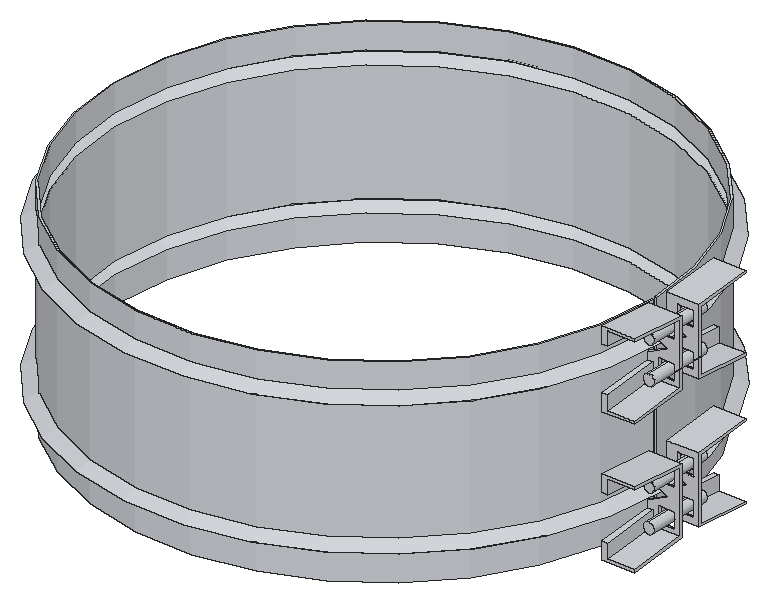
Revit family
Parameters (values of type "DW08DWCLASY-2")
  WALLTHICK = 9/256"  # constant formula
  OD = 12 1/2"
  Model = "DW08DWCLASY-2"
  Manufacturer = "CaptiveAire"
  HALF_ANGLE = 61.813° / 2  # 30.9065°
  Description = "8\" Duct Double Double V Band Horizontal"
  DUCTRAD = DUCTINSIDERAD + 5/16"  # 6 135/256"
  DUCTINSIDERAD = (OD / 2) - 9" / 256  # 6 55/256"
  61.813 = 61.813°  # constant formula
  HEIGHT = 4 139/256"  # constant formula
  0 = 0"  # constant formula
  .75 = 3/4"  # constant formula
  .3 = 77/256"  # constant formula
Types (14): name | OD | Model | Description | DUCTRAD | DUCTINSIDERAD
  (no name) | 12 1/2" | "DW08DWCLASY-2" | "8\" Duct Double Double V Band Horizontal" | 6 135/256" | 6 55/256"
  DW08DWCLASY-2 | 12 1/2" | "DW08DWCLASY-2" | "8\" Duct Double Double V Band Horizontal" | 6 135/256" | 6 55/256"
  DW10DWCLASY-2 | 14 1/2" | "DW10DWCLASY-2" | "10\" Duct Double Double V Band Horizontal" | 7 135/256" | 7 55/256"
  DW12DWCLASY-2 | 16 1/2" | "DW12DWCLASY-2" | "12\" Duct Double Double V Band Horizontal" | 8 135/256" | 8 55/256"
  DW14DWCLASY-2 | 18 1/2" | "DW14DWCLASY-2" | "14\" Duct Double Double V Band Horizontal" | 9 135/256" | 9 55/256"
  DW16DWCLASY-2 | 20 1/2" | "DW16DWCLASY-2" | "16\" Duct Double Double V Band Horizontal" | 10 135/256" | 10 55/256"
  DW08DWCLASY-3 | 14 1/2" | "DW08DWCLASY-3" | "8\" Duct Double Double V Band Horizontal" | 7 135/256" | 7 55/256"
  DW10DWCLASY-3 | 16 1/2" | "DW10DWCLASY-3" | "10\" Duct Double Double V Band Horizontal" | 8 135/256" | 8 55/256"
  DW12DWCLASY-3 | 18 1/2" | "DW12DWCLASY-3" | "12\" Duct Double Double V Band Horizontal" | 9 135/256" | 9 55/256"
  DW14DWCLASY-3 | 20 1/2" | "DW14DWCLASY-3" | "14\" Duct Double Double V Band Horizontal" | 10 135/256" | 10 55/256"
  DW16DWCLASY-3 | 22 1/2" | "DW16DWCLASY-3" | "16\" Duct Double Double V Band Horizontal" | 11 135/256" | 11 55/256"
  DW18DWCLASY-3 | 24 1/2" | "DW18DWCLASY-3" | "18\" Duct Double Double V Band Horizontal" | 12 135/256" | 12 55/256"
  DW20DWCLASY-3 | 26 1/2" | "DW20DWCLASY-3" | "20\" Duct Double Double V Band Horizontal" | 13 135/256" | 13 55/256"
  DW24DWCLASY-3 | 30 1/2" | "DW24DWCLASY-3" | "24\" Duct Double Double V Band Horizontal" | 15 135/256" | 15 55/256"
Reference planes (in)
  plane 1 "Center (Front/Back)": y = 0
  plane 2: z = 0.42354
  plane 3 "Center (Left/Right)": x = 1.65975
  plane 4: x = 7.87459
  plane 5: x = 8.18709
  plane 6: z = 1.17354
  plane 7: z = 4.21651
  plane 8: z = 4.96651
  plane 9: x = 7.93459
Forms (in)
  Revolve 1, solid
    sketch origin (0, 0, 0) x (1, 0, 0) y (0, 0, 1)
      loop
        line (7.87459, 0.42354) -> (7.90975, 0.42354) -> (7.90975, 1.00751) -> (8.18709, 1.17354) -> (7.90975, 1.33957) -> (7.90975, 4.05048) -> (8.18709, 4.21651) -> (7.90975, 4.38254) -> (7.90975, 4.96651) -> (7.87459, 4.96651) -> (7.87459, 4.36261) -> (8.11865, 4.21651) -> (7.87459, 4.07041) -> (7.87459, 1.31964) -> (8.11865, 1.17354) -> (7.87459, 1.02744) -> (7.87459, 0.42354)
      axis (1.65975, 4.96651) -> (1.65975, 0.42354)
    angle from 0 to 359
Dimensions and locks (in)
  "DUCTINSIDERAD": plane 4 to plane 3 "Center (Left/Right)"
  "DUCTRAD": plane 5 to plane 3 "Center (Left/Right)"
  ".75": plane 6 to level
  "HEIGHT": plane 8 to level
  ".75": plane 8 to plane 7
  "WALLTHICK": Revolve 1 sketch curve to Revolve 1 sketch curve  (x5)
  locked: plane 9 to plane 4 at 0.06
  "HALF_ANGLE": angle Revolve 1 sketch curve to plane 7
  "HALF_ANGLE": angle plane 7 to Revolve 1 sketch curve
  "HALF_ANGLE": angle plane 6 to Revolve 1 sketch curve
  "HALF_ANGLE": angle Revolve 1 sketch curve to plane 6
  aligned and locked: level to plane 2
  aligned and locked: Revolve 1 sketch curve to level
  aligned and locked: Revolve 1 sketch curve to plane 4  (x3)
  aligned and locked: plane 5 to Revolve 1 sketch curve  (x2)
  aligned and locked: plane 6 to Revolve 1 sketch curve  (x2)
  aligned and locked: plane 8 to Revolve 1 sketch curve
  aligned and locked: plane 7 to Revolve 1 sketch curve
  aligned and locked: Revolve 1 sketch curve to Revolve 1 sketch curve  (x2)
  aligned and locked: Revolve 1 sketch curve to plane 3 "Center (Left/Right)"
  aligned and locked: nested 1 to plane 6
  aligned and locked: plane 7 to nested 2
  aligned and locked: nested 1 to plane 1 "Center (Front/Back)"
  aligned and locked: nested 2 to plane 1 "Center (Front/Back)"
  aligned and locked: nested 2 to plane 9
  aligned and locked: nested 1 to plane 9
Automatic sketch dimensions
  plane 8 to Revolve 1 sketch curve = 1"
  Revolve 1 sketch curve to Revolve 1 sketch curve = 2 1/4"
Nested families (in)
  nested 1: "DWCLAMPBR-ASY" at (7.51105, -1.84472, 1.17354) x (0, 1, 0) z (1, 0, 0), type "DWCLAMPBR-ASY"
  nested 2: "DWCLAMPBR-ASY" at (7.51105, -1.84472, 4.21651) x (0, 1, 0) z (1, 0, 0), type "DWCLAMPBR-ASY"
Definition of nested family "DWCLAMPBR-ASY"
  Parameters (values of type "DWCLAMPBR-ASY")
    Model = "DWCLAMPBR-ASY"
    Manufacturer = "CaptiveAire"
    Description = "CLAMP"
    Assembly Code = ""
  Reference planes (in)
    plane 1 "Center (Front/Back)": y = 0
    plane 2: z = 0.42354
    plane 3 "Center (Left/Right)": x = 1.84472
    plane 4: x = 2.09472
    plane 5: x = 1.59472
  Forms (in)
    Extrusion 1, solid
      sketch origin (1.54472, 0.3855, 0.42354) x (0, -1, 0) y (0, 0, 1)
        loop
          circle (-0.04143, 0.44048) r 0.125
        loop
          circle (0.81243, 0.44048) r 0.125
      from -1 to 0.5
  Dimensions and locks (in)
    locked: plane 4 to plane 3 "Center (Left/Right)" at 0.25
    locked: plane 5 to plane 3 "Center (Left/Right)" at 0.25
    aligned and locked: level to plane 2
    aligned and locked: nested 2 to plane 1 "Center (Front/Back)"
    aligned and locked: plane 1 "Center (Front/Back)" to nested 1
    aligned and locked: nested 2 to plane 5
    aligned and locked: nested 1 to plane 4
    aligned and locked: nested 2 to level
    aligned and locked: nested 1 to level
  Nested families (in)
    nested 1: "DWCLAMPBR" at (2.09472, 1.84472, 0) x (0, -1, 0) z (0, 0, 1), type "DW0812ADP"
    nested 2: "DWCLAMPBR" at (1.59472, -1.84472, 0) x (0, 1, 0) z (0, 0, 1), type "DW0812ADP"
  Definition of nested family "DWCLAMPBR"
    Parameters (values of type "DW2024ADP")
      Model = "DWCLAMPBR"
      Manufacturer = "CaptiveAire"
      Description = "DOUBLE WALL CLAMP"
      95.194 = 95.194°  # constant formula
      .375 = 3/8"  # constant formula
    Types (14): name | Model | Description
      (no name) | "DWCLAMPBR" | "DOUBLE WALL CLAMP"
      DW0812ADP | "DW0812ADP" | "8\" - 12\" Duct Adaptor"
      DW1012ADP | "DW1012ADP" | "10\"-12\" Duct Adaptor"
      DW1014ADP | "DW1014ADP" | "10\"-14\" Duct Adaptor"
      DW1214ADP | "DW1214ADP" | "12\"-14\" Duct Adaptor"
      DW1216ADP | "DW1216ADP" | "12\"-16\" Duct Adaptor"
      DW1218ADP | "DW1218ADP" | "12\"-18\" Duct Adaptor"
      DW1416ADP | "DW1416ADP" | "14\"-16\" Duct Adaptor"
      DW1418ADP | "DW1418ADP" | "14\"-18\" Duct Adaptor"
      DW1420ADP | "DW1420ADP" | "14\"-20\" Duct Adaptor"
      DW1620ADP | "DW1620ADP" | "16\"-20\" Duct Adaptor"
      DW1624ADP | "DW1624ADP" | "16\"-24\" Duct Adaptor"
      DW1824ADP | "DW1824ADP" | "18\"-24\" Duct Adaptor"
      DW2024ADP | "DWCLAMPBR" | "DOUBLE WALL CLAMP"
    Reference planes (in)
      plane 1 "Center (Front/Back)": y = 0
      plane 2: z = 0.42354
      plane 3 "Center (Left/Right)": x = 1.84472
      plane 4: x = 2.62474
      plane 5: x = 2.60222
      plane 6: y = 1.346
      plane 7: x = 1.0647
      plane 8: x = 1.08722
    Forms (in)
      Extrusion 1, solid
        sketch origin (0, 0, 0.42354) x (1, 0, 0) y (0, 1, 0)
          loop
            line (2.60222, 0) -> (2.72457, 1.346) -> (0.96487, 1.346) -> (1.08722, 0) -> (2.60222, 0)
        from 0 to 0.75
      Extrusion 2, void
        sketch origin (0, 0, 1.17354) x (0, 1, 0) y (1, 0, 0)
          loop
            line (0.05, 1.45922) -> (1.346, 1.34141) -> (1.346, 2.34803) -> (0.05, 2.23022) -> (0.05, 1.45922)
        from 0 to 0.75
      Extrusion 3, void
        sketch origin (0, 0, 1.17354) x (0, 1, 0) y (1, 0, 0)
          loop
            line (0.05, 1.45922) -> (0.05, 1.1403) -> (1.346, 1.02249) -> (1.346, 1.34141) -> (0.05, 1.45922)
          loop
            line (0.05, 2.23022) -> (1.346, 2.34803) -> (1.346, 2.66695) -> (0.05, 2.54914) -> (0.05, 2.23022)
        from 0 to 0.625
      Extrusion 4, void
        sketch origin (2.60222, 0, 0.42354) x (1, 0, 0) y (0, 0, -1)
          loop
            line (-1.3725, -0.63322) -> (-0.9975, -0.63322) -> (-0.9975, -0.25822) -> (-1.3725, -0.25822) -> (-1.3725, -0.63322)
          loop
            line (-0.97218, 0) -> (-0.7575, -0.46039) -> (-0.51271, 0) -> (-0.97218, 0)
          loop
            line (-0.1425, -0.63322) -> (-0.1425, -0.25822) -> (-0.5175, -0.25822) -> (-0.5175, -0.63322) -> (-0.1425, -0.63322)
        from 0 to 0.625
    Cuts and joins
      Extrusion 2, Extrusion 3, Extrusion 4 cuts Extrusion 1
    Dimensions and locks (in)
      equal spacing: plane 7, plane 3 "Center (Left/Right)", plane 4
      equal spacing: plane 8, plane 3 "Center (Left/Right)", plane 5
      plane 8 to plane 5 to plane 4 = 1.515" locked, 0.02252" locked
      ".375": Extrusion 1 to Extrusion 2 sketch curve  (x2)
      locked: plane 1 "Center (Front/Back)" to Extrusion 2 sketch curve at 0.05
      "95.194": angle Extrusion 1 sketch curve to Extrusion 1 sketch curve
      "95.194": angle plane 1 "Center (Front/Back)" to Extrusion 1 sketch curve
      aligned and locked: level to plane 2
      aligned and locked: Extrusion 1 to Extrusion 2 sketch curve
    Automatic sketch dimensions
      plane 6 to Extrusion 1 sketch curve = 0"
      plane 1 "Center (Front/Back)" to Extrusion 1 sketch curve = 0"
      Extrusion 1 sketch curve to plane 8 = 0"
      Extrusion 1 sketch curve to plane 5 = 0"
      Extrusion 3 sketch curve to Extrusion 1 = 0"  (x2)
      Extrusion 3 sketch curve to Extrusion 1 = 0.05"  (x2)
      Extrusion 3 sketch curve to Extrusion 1 = 0.05739"
      Extrusion 3 sketch curve to Extrusion 3 sketch curve = 0.11781"
      Extrusion 3 sketch curve to Extrusion 3 sketch curve = 0.31892"  (x4)
      Extrusion 3 sketch curve to Extrusion 3 sketch curve = 0.771"
      Extrusion 3 sketch curve to Extrusion 3 sketch curve = 1.00661"
      Extrusion 4 sketch curve to Extrusion 1 = 0"
      Extrusion 1 to Extrusion 4 sketch curve = 0.1425"  (x2)
      Extrusion 4 sketch curve to Extrusion 4 sketch curve = 3/8"
      Extrusion 4 sketch curve to Extrusion 4 sketch curve = 0.02532"
      Extrusion 4 sketch curve to Extrusion 1 = 0.28961"
      Extrusion 4 sketch curve to Extrusion 4 sketch curve = 0.24"  (x2)
      Extrusion 4 sketch curve to Extrusion 1 = 0.11678"  (x2)
      Extrusion 4 sketch curve to Extrusion 4 sketch curve = 0.00479"
      Extrusion 4 sketch curve to Extrusion 1 = 0.25822"  (x2)
